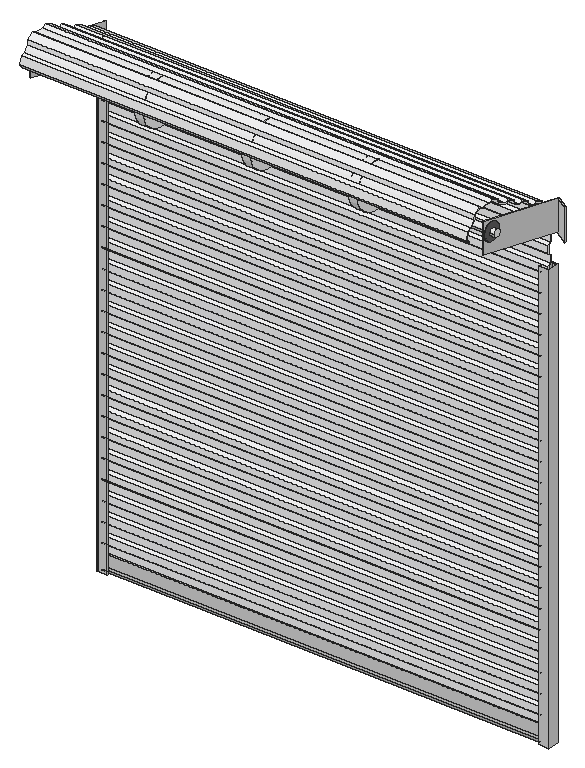
Revit family "Doors_Industrial_Wayne-Dalton_Light-Commercial-Roll-up-Door-Model-DS-100_", category Specialty Equipment, host Wall, Revit 2019
Family settings
  Host = Wall
  Round Connector Dimension = Use Diameter
  Part Type = Normal
  OmniClass Number = 23.30.10.21.34
  OmniClass Title = Industrial Doors
  Always vertical = Yes
  Cut with Voids When Loaded = No
  Shared = No
  Room Calculation Point = No
Parameters (values of type "Manual push-up")
  True Opening Width [instance] = Clear Width  # 73"
  True Opening Height [instance] = Clear Height  # 73"
  Slat to Wall Offset = 1 35/64"  # constant formula
  Slat Height [instance] = if(Curtain Option Real = 1, 3 7/32" * 3, 3 41/256" * 3)  # 9 21/32"
  Shaft to Slat Distance [instance] = Backroom Depth - Slat to Wall Offset - BR Shaft Distance  # 13 9/256"
  Product Page URL = "https://www.wayne-dalton.com/roll-up-sheet-door-ds100"
  Slat Length [instance] = [Opening Width (Real)] + 1/4" * 2 + 1 77/256" * 2  # 76 13/128"
  Opening Width [instance] = 73"
  Opening Height [instance] = 73"
  Min Opening Width [instance] = 34"  # constant formula
  Min Opening Height [instance] = 73"  # constant formula
  Max Opening Width [instance] = 121"  # constant formula
  Max Opening Height [instance] = 120"  # constant formula
  Headroom Height [instance] = if([Opening Height (Real)] < 80 1/4", 16", if([Opening Height (Real)] < 96", 17", 18"))  # 16"
  Opening Width (Real) [instance] = if(Opening Width < Min Opening Width, Min Opening Width, if(Opening Width > Max Opening Width, Max Opening Width, Opening Width))  # 73"
  Opening Height (Real) [instance] = if(Opening Height < Min Opening Height, Min Opening Height, if(Opening Height > Max Opening Height, Max Opening Height, Opening Height))  # 73"
  URL = "https://www.wayne-dalton.com/"
  Product data url = "https://www.bimobject.com/wayne-dalton/product/roll-up-sheet-door-ds100"
  Product Guid = "940501ae-61bf-4f61-b065-ee4671c97bb3"
  Model = "DS-100"  # constant formula
  Manufacturer = "Wayne Dalton"  # constant formula
  Wall Closure = By host
  Floor To (CL) of Shaft [instance] = [Opening Height (Real)] + Headroom Height - 4 107/256"  # 84 149/256"
  Finish Material = Metal - Wayne Dalton - Galvanized Steel
  Description = "Model DS-100 Light Commercial Roll-Up Door (R-Value 4.0 with optional insulation)"  # constant formula
  Curtain Type [instance] = if(Curtain Option Real = 1, "Square Profile", "Round Profile")  # "Square Profile"
  Curtain Option Real [instance] = if(Curtain Option < 2, 1, 2)  # 1
  Curtain Option [instance] = 1
  Curtain Material [instance] = Steel - Wayne Dalton - White
  Connection Offset [instance] = [Floor To (CL) of Shaft] - Array Length - 1 13/128" + 1/256"  # 6 15/64"
  Clear Width [instance] = [Opening Width (Real)]  # 73"
  Clear Height [instance] = [Opening Height (Real)]  # 73"
  Backroom Depth [instance] = Headroom Height + 3"  # 19"
  BR Shaft Distance = 4 107/256"  # constant formula
  Array Length [instance] = (Array) * Slat Height  # 77 1/4"
  Array [instance] = rounddown(([Floor To (CL) of Shaft] - 1 13/128" - 2 51/256") / Slat Height)  # 8
  Ad Slat Height [instance] = if(Curtain Option Real = 1, 3 7/32", 3 41/256")  # 3 7/32"
  Ad Slat 2 [instance] = if(Connection Offset > Ad Slat Height * 2 + 2 51/256", 1 = 1, 1 = 2)  # no
  Ad Slat 1 [instance] = if(Connection Offset > Ad Slat Height + 2 51/256", 1 = 1, 1 = 2)  # yes
Reference planes (in)
  plane 1 "Center (Front/Back)": y = 0
  plane 2 "Center (Left/Right)": x = 0
  plane 3 "Left": x = -50
  plane 4 "Right": x = 50
  plane 5 "Exterior": y = 1.5
  plane 6 "Interior": y = -4.5
  plane 7: x = 36.5
  plane 8: x = -36.5
  plane 9: z = 73
  plane 10 "Top": z = 89
  plane 11 "Main": y = -5.75
  plane 12: y = -23.5
  plane 13 "Main Door Block": y = -4.5
  plane 14: z = 47.47
  plane 15 "Bottom Bar": z = 1.1046
  plane 16: x = 39
  plane 17: x = -39
  plane 18: y = -5.253
  plane 19: y = -6.048
  plane 20: z = 78.3546
  plane 21: z = 84.58203
  plane 22: z = 10.76085
  plane 23: z = 81.57335
  plane 24: y = -19.08203
Lines and regions (in)
  Opening 1
    outline origin (-90, -4.5, 0) x (1, 0, 0) y (0, 0, 1)
      loop
        line (53.5, 0) -> (126.5, 0) -> (126.5, 73) -> (53.5, 73) -> (53.5, 0)
Text (in)
  text "Exterior" at (-74.96733, 27.31104, 0), in view "Ref. Level"
  text "Interior" at (-74.96733, -25.14366, 0), in view "Ref. Level"
  text "Exterior" at (0, 40.15149, 123.01588), in view "Right"
  text "Interior" at (0, -64.39139, 123.01588), in view "Right"
  text "Interior" at (0, -31.01599, 123.00693), in view "Left"
  text "Exterior" at (0, 54.57065, 123.00693), in view "Left"
Dimensions and locks (in)
  equal spacing: plane 3 "Left", plane 2 "Center (Left/Right)", plane 4 "Right"
  level to host wall = 459.59655"
  "Opening Height (Real)": level to plane 9
  plane 8 to plane 2 "Center (Left/Right)" to plane 7 = 36 1/2", 36 1/2"
  "Headroom Height": plane 9 to plane 10 "Top"
  locked: plane 13 "Main Door Block" to plane 11 "Main" at 1.25
  locked: plane 1 "Center (Front/Back)" to plane 6 "Interior" at 4.5
  locked: plane 8 to plane 17 at 2.5
  locked: plane 16 to plane 7 at 2.5
  locked: plane 5 "Exterior" to plane 1 "Center (Front/Back)" at 1.5
  equal spacing: plane 7, plane 2 "Center (Left/Right)", plane 8
  locked: plane 18 to plane 11 "Main" at 0.497
  "Opening Width (Real)": plane 7 to plane 8
  "Backroom Depth": plane 12 to plane 6 "Interior"
  locked: plane 11 "Main" to plane 19 at 0.298
  plane 19 to plane 11 "Main" = 0.298"
  locked: plane 15 "Bottom Bar" to level at 1.1046
  "Array Length": plane 20 to plane 15 "Bottom Bar"
  nested 1 to nested 1 = 1/4"
  "Floor To (CL) of Shaft": plane 21 to level
  "Slat Height": plane 22 to plane 15 "Bottom Bar"
  equal spacing: group 1, group 2, group 3, group 4, group 5, group 6, group 7, group 8  (x3)
  "Ad Slat Height": plane 23 to plane 20
  plane 19 to plane 13 "Main Door Block" = 1.548"
  "BR Shaft Distance": plane 12 to plane 24
  plane 13 "Main Door Block" to nested 2 = 1.548"
  nested 2 to nested 2 = 0.13312"
  aligned and locked: Opening 1 sketch curve to level
  aligned and locked: plane 5 "Exterior" to host wall
  aligned and locked: host wall to plane 6 "Interior"
  aligned and locked: plane 8 to Opening 1 sketch curve
  aligned and locked: plane 7 to Opening 1 sketch curve
  aligned and locked: Opening 1 sketch curve to plane 9
  aligned and locked: nested 1 to plane 6 "Interior"
  aligned and locked: nested 1 to plane 2 "Center (Left/Right)"
  aligned and locked: level to nested 1
  aligned and locked: plane 13 "Main Door Block" to plane 6 "Interior"
  aligned and locked: plane 15 "Bottom Bar" to nested 2
  aligned and locked: plane 22 to nested 3
  aligned and locked: plane 19 to nested 2
  aligned and locked: plane 19 to nested 3
  aligned and locked: plane 2 "Center (Left/Right)" to nested 2
  aligned and locked: plane 2 "Center (Left/Right)" to nested 3
  aligned and locked: plane 20 to nested 10
  aligned and locked: plane 19 to nested 10
  aligned and locked: plane 2 "Center (Left/Right)" to nested 10
  aligned and locked: plane 23 to nested 11
  aligned and locked: plane 19 to nested 11
  aligned and locked: plane 2 "Center (Left/Right)" to nested 11
  aligned and locked: plane 21 to nested 12
  aligned and locked: plane 24 to nested 12
  aligned and locked: plane 2 "Center (Left/Right)" to nested 12
Nested families (in)
  nested 1: "Lifts" at (0, -4.5, 0) x (-1, 0, 0) z (0, 0, 1), type "Frame Unit"
  nested 2: "Slat" at (0, -6.048, 1.1046), type "Slat"
    with Sq Option yes, Slat Height 9.66", R Option no, Opening Width 76 13/128", Curtain Option 1
  nested 3: "Slat" at (0, -6.048, 10.76085), type "Slat"
    with Sq Option yes, Slat Height 9.66", R Option no, Opening Width 76 13/128", Curtain Option 1
  nested 4: "Slat" at (0, -6.048, 20.4171), type "Slat"
    with Sq Option yes, Slat Height 9.66", R Option no, Opening Width 76 13/128", Curtain Option 1
  nested 5: "Slat" at (0, -6.048, 30.07335), type "Slat"
    with Sq Option yes, Slat Height 9.66", R Option no, Opening Width 76 13/128", Curtain Option 1
  nested 6: "Slat" at (0, -6.048, 39.7296), type "Slat"
    with Sq Option yes, Slat Height 9.66", R Option no, Opening Width 76 13/128", Curtain Option 1
  nested 7: "Slat" at (0, -6.048, 49.38585), type "Slat"
    with Sq Option yes, Slat Height 9.66", R Option no, Opening Width 76 13/128", Curtain Option 1
  nested 8: "Slat" at (0, -6.048, 59.0421), type "Slat"
    with Sq Option yes, Slat Height 9.66", R Option no, Opening Width 76 13/128", Curtain Option 1
  nested 9: "Slat" at (0, -6.048, 68.69835), type "Slat"
    with Sq Option yes, Slat Height 9.66", R Option no, Opening Width 76 13/128", Curtain Option 1
  nested 10: "AdSlat" at (0, -6.048, 78.3546), visible <- "Ad Slat 1", type "AdSlat"
    with Sq Option yes, Slat Height 3.22", R Option no, Opening Width 76 13/128", Curtain Option 1
  nested 11: "AdSlat" at (0, -6.048, 81.57335), visible <- "Ad Slat 2", type "AdSlat"
    with Sq Option yes, Slat Height 3.22", R Option no, Opening Width 76 13/128", Curtain Option 1
  nested 12: "Top Slat" at (0, -19.08203, 84.58203), type "Top Slat"
    with Primar Offset 6 15/64", Opening Width 76 13/128"
Definition of nested family "Lifts"
  Parameters (values of type "Frame Unit")
    Steel Support Outter Radius = 4.418" - 5/8"  # 3.793"
    Shaft Radius = 0.563"  # constant formula
    Shaft Material = none
    Setback = 1/4"  # constant formula
    Right Shaft Offset = 3 1/4"
    Resin Stopper Radius = 1 1/2"  # constant formula
    Resin Elements Material = none
    Opening Width = 73"
    Left Shaft Offset = 3 1/4"
    J Offset = Header Width - 4.418"  # 14.582"
    Headroom Height = 16"
    Header Width = 19"
    Guide Width R Real = Guid Width + Setback  # 2 3/4"
    Guide Width L Real = Guid Width + Setback  # 2 3/4"
    Guide Second Part Position = 1 3/4"  # constant formula
    Guide Height = 2"  # constant formula
    Guid Width = 2 1/2"  # constant formula
    Opening Height = 73"
    Floor To (CL) of Shaft = 84 149/256"
    Finish Material = none
    Connection Brackets = 5 1/4"  # constant formula
    Bottom Bar Offset = 1.652"  # constant formula
    Analytic Construction = "<None>"
  Reference planes (in)
    plane 1 "Center (Front/Back)": y = 0
    plane 2: z = 0
    plane 3 "Center (Left/Right)": x = 0
    plane 4 "Left": x = -36.5
    plane 5 "Right": x = 36.5
    plane 6 "Opening Height": z = 73
    plane 7: x = -39.75
    plane 8: x = 39.75
    plane 9: z = 89
    plane 10: y = 19
    plane 11: x = -18.25
    plane 12: x = 18.25
    plane 13: z = 84.58203
    plane 14: y = 14.582
    plane 15: x = -38.05
    plane 16: x = 38.05
    plane 17: x = 39.25
    plane 18: x = -39.25
  Forms (in)
    Extrusion 1, solid, material <- "Finish Material"
      sketch origin (0, 0, 0) x (1, 0, 0) y (0, 1, 0)
        loop
          line (-38.5, 0) -> (-36.75, 0) -> (-36.75, 0.125) -> (-36.92185, 0.125)
          arc (-36.92185, 0.125) -> (-37.20608, 0.67946) -> (-37.49031, 0.125) r 0.35008
          line (-37.49031, 0.125) -> (-38.375, 0.125) -> (-38.375, 1.875) -> (-36.75, 1.875) -> (-36.75, 2) -> (-38.5, 2) -> (-38.5, 0)
        loop
          line (38.5, 0) -> (38.5, 2) -> (36.75, 2) -> (36.75, 1.875) -> (38.375, 1.875) -> (38.375, 0.125) -> (37.49031, 0.125)
          arc (37.49031, 0.125) -> (37.20608, 0.67923) -> (36.92185, 0.125) r 0.35
          line (36.92185, 0.125) -> (36.75, 0.125) -> (36.75, 0) -> (38.5, 0)
      from 73 to 0
    Extrusion 2, solid, material <- "Finish Material"
      sketch origin (0, 0, 0) x (0, 1, 0) y (0, 0, 1)
        loop
          line (1.652, 1) -> (1.652, 3) -> (1.5475, 3) -> (1.5475, 1.1046) -> (0.152, 1.1046) -> (0.152, 1) -> (1.652, 1)
      from -38.05 to 38.05
    Extrusion 3, solid, material <- "Finish Material"
      sketch origin (0, 0, 0) x (0, 1, 0) y (0, 0, 1)
        loop
          line (0.73437, 1) -> (0.73437, 0.5)
          arc (0.73437, 0.5) -> (1.23437, 0) -> (1.73437, 0.5) r 0.5
          line (1.73437, 0.5) -> (1.73437, 1) -> (0.73437, 1)
      from -38.05 to 38.05
    Extrusion 4, solid, material <- "Shaft Material"
      sketch origin (0, 0, 0) x (0, 1, 0) y (0, 0, 1)
        loop
          circle (14.582, 84.58203) r 0.563
      from -39.75 to 39.75
    Extrusion 5, solid, material <- "Finish Material"
      sketch origin (-39.25, 0, 76.60557) x (0, 0, 1) y (-1, 0, 0)
        loop
          line (1.29437, -77.75) -> (0.20776, -79) -> (5.63741, -79) -> (6.54437, -77.88) -> (6.54437, -77.75) -> (1.29437, -77.75)
        loop
          line (1.29437, -0.75) -> (6.54437, -0.75) -> (6.54437, -0.62) -> (5.63741, 0.5) -> (0.20776, 0.5) -> (1.29437, -0.75)
      from 0 to -0.13
    Extrusion 6, solid, material <- "Finish Material"
      sketch origin (-39.25, 0, 73) x (0, 0, 1) y (0, -1, 0)
        loop
          line (13.66098, -16.082) -> (10.14994, 0) -> (5.03217, 0) -> (8.5432, -16.082) -> (13.66098, -16.082)
      from 0.62 to 0.75
    Extrusion 7, solid, material <- "Finish Material"
      sketch origin (39.25, 0, 73) x (0, 0, 1) y (0, -1, 0)
        loop
          line (13.66098, -16.082) -> (10.14994, 0) -> (5.03217, 0) -> (8.5432, -16.082) -> (13.66098, -16.082)
      from -0.62 to -0.75
    Extrusion 8, solid, material <- "Resin Elements Material"
      sketch origin (-39.25, 0, 73) x (0, 0, 1) y (0, -1, 0)
        loop
          circle (11.58203, -14.582) r 1.5
      from 0.37 to 0.62
    Extrusion 9, solid, material <- "Resin Elements Material"
      sketch origin (39.25, 0, 73) x (0, 0, 1) y (0, -1, 0)
        loop
          circle (11.58203, -14.582) r 1.5
      from -0.37 to -0.62
    Extrusion 10, void
      sketch origin (0, 0, 0) x (1, 0, 0) y (0, 1, 0)
        loop
          line (36.5, -0.3125) -> (38.05, -0.3125) -> (38.05, 0.6875) -> (36.5, 0.6875) -> (36.5, -0.3125)
        loop
          line (-36.5, -0.3125) -> (-36.5, 0.6875) -> (-38.05, 0.6875) -> (-38.05, -0.3125) -> (-36.5, -0.3125)
      from 0 to 2.125
    Extrusion 11, solid, material <- "Shaft Material"
      sketch origin (18.25, -180, 76.25522) x (0, 0, 1) y (0, -1, 0)
        loop
          circle (8.32681, -194.582) r 3.793
        loop
          circle (8.32681, -194.582) r 0.563
      from -0.753 to 0.753
    Extrusion 12, solid, material <- "Shaft Material"
      sketch origin (0, 0, 0) x (0, 1, 0) y (0, 0, 1)
        loop
          circle (14.582, 84.58203) r 3.793
        loop
          circle (14.582, 84.58203) r 0.563
      from -0.753 to 0.753
    Extrusion 13, solid, material <- "Shaft Material"
      sketch origin (-18.25, -180, -24) x (0, 0, -1) y (0, -1, 0)
        loop
          circle (-108.58203, -194.582) r 3.793
        loop
          circle (-108.58203, -194.582) r 0.563
      from -0.753 to 0.753
  Cuts and joins
    joined: Extrusion 5, Extrusion 6, Extrusion 7
    Extrusion 10 cuts Extrusion 2
  Lines and regions (in)
    Masking region 1
      outline origin (0, 0, 0) x (1, 0, 0) y (0, 1, 0)
        loop
          line (-38.88, 16.082) -> (-38.88, 13.082) -> (-38.63, 13.082) -> (-38.63, 16.082) -> (-38.88, 16.082)
        loop
          line (38.88, 13.082) -> (38.88, 16.082) -> (38.63, 16.082) -> (38.63, 13.082) -> (38.88, 13.082)
    Masking region 2
      outline origin (0, 0, 0) x (1, 0, 0) y (0, 1, 0)
        loop
          line (-38.63, 16.082) -> (-38.63, 0.13) -> (-39.75, 0.13) -> (-39.75, 0) -> (-38.5, 0) -> (-38.5, 16.082) -> (-38.63, 16.082)
        loop
          line (38.63, 0.13) -> (38.63, 16.082) -> (38.5, 16.082) -> (38.5, 0) -> (39.75, 0) -> (39.75, 0.13) -> (38.63, 0.13)
    Masking region 3
      outline origin (0, 0, 0) x (1, 0, 0) y (0, 1, 0)
        loop
          arc (-36.92185, 0.125) -> (-37.20608, 0.67946) -> (-37.49031, 0.125) r 0.35008
          line (-37.49031, 0.125) -> (-38.375, 0.125) -> (-38.375, 1.875) -> (-36.75, 1.875) -> (-36.75, 2) -> (-38.5, 2) -> (-38.5, 0) -> (-36.75, 0) -> (-36.75, 0.125) -> (-36.92185, 0.125)
        loop
          arc (37.49031, 0.125) -> (37.20608, 0.67923) -> (36.92185, 0.125) r 0.35
          line (36.92185, 0.125) -> (36.75, 0.125) -> (36.75, 0) -> (38.5, 0) -> (38.5, 2) -> (36.75, 2) -> (36.75, 1.875) -> (38.375, 1.875) -> (38.375, 0.125) -> (37.49031, 0.125)
    Masking region 4
      outline origin (0, 0, 0) x (1, 0, 0) y (0, 1, 0)
        loop
          line (-39.75, 15.145) -> (-39.75, 14.019) -> (39.75, 14.019) -> (39.75, 15.145) -> (-39.75, 15.145)
    reference lines
      curve 1: line (39.25, 0, 73) -> (39.25, 0, 82.583)
      curve 2: line (-39.25, 0, 73) -> (-39.25, 0, 82.583)
  Dimensions and locks (in)
    equal spacing: plane 4 "Left", plane 3 "Center (Left/Right)", plane 5 "Right"
    "Opening Width": plane 4 "Left" to plane 5 "Right"
    "Opening Height": plane 6 "Opening Height" to level
    "Guide Height": Extrusion 1 sketch curve to Extrusion 1 sketch curve
    "Headroom Height": plane 9 to plane 6 "Opening Height"
    plane 10 to plane 1 "Center (Front/Back)" = 19"
    "Header Width": plane 10 to plane 1 "Center (Front/Back)"
    locked: Extrusion 1 sketch curve to Extrusion 1 sketch curve at 0.125  (x3)
    locked: Extrusion 3 sketch curve to level at 1
    locked: Extrusion 10 sketch curve to plane 1 "Center (Front/Back)" at 0.3125  (x2)
    locked: plane 1 "Center (Front/Back)" to Extrusion 10 sketch curve at 0.6875
    equal spacing: plane 4 "Left", plane 11, plane 3 "Center (Left/Right)"
    equal spacing: plane 5 "Right", plane 12, plane 3 "Center (Left/Right)"
    "Floor To (CL) of Shaft": plane 13 to plane 2
    "J Offset": plane 14 to plane 1 "Center (Front/Back)"
    locked: curve 1 to curve 1 at 9.583
    locked: curve 2 to curve 2 at 9.583
    "Setback": Extrusion 1 sketch curve to plane 4 "Left"
    "Setback": plane 5 "Right" to Extrusion 1 sketch curve
    locked: plane 15 to plane 4 "Left" at 1.55
    locked: plane 5 "Right" to plane 16 at 1.55
    "Guide Width R Real": plane 5 "Right" to plane 17
    "Guide Width L Real": plane 18 to plane 4 "Left"
    "Left Shaft Offset": plane 7 to plane 4 "Left"
    "Right Shaft Offset": plane 5 "Right" to plane 8
    equal spacing: Masking region 1 sketch curve, plane 14, Masking region 1 sketch curve
    "Resin Stopper Radius": plane 14 to Masking region 1 sketch curve
    locked: plane 1 "Center (Front/Back)" to Extrusion 3 sketch curve at 0.73437
    locked: Extrusion 3 sketch curve to Extrusion 3 sketch curve at 1
    locked: plane 14 to Extrusion 7 sketch curve at 1.5
    locked: plane 14 to Extrusion 6 sketch curve at 1.5
    locked: Extrusion 5 sketch curve to curve 1 at 0.75
    locked: Extrusion 5 sketch curve to curve 2 at 0.75
    locked: plane 13 to Extrusion 7 sketch curve at 1.43209
    locked: plane 13 to Extrusion 6 sketch curve at 1.43209
    locked: Extrusion 6 sketch curve to Extrusion 6 sketch curve at 5
    locked: Extrusion 5 sketch curve to Extrusion 5 sketch curve at 1.25  (x2)
    locked: Extrusion 5 sketch curve to Extrusion 5 sketch curve at 0.13  (x2)
    locked: Extrusion 7 sketch curve to plane 13 at 2.07895
    locked: Extrusion 7 sketch curve to Extrusion 7 sketch curve at 5
    locked: Extrusion 6 sketch curve to plane 13 at 2.07895
    locked: plane 13 to Extrusion 5 sketch curve at 1.43209  (x2)
    "Connection Brackets": Extrusion 5 sketch curve to Extrusion 5 sketch curve  (x2)
    "Guide Second Part Position": Extrusion 1 sketch curve to Extrusion 1 sketch curve  (x2)
    locked: Extrusion 2 sketch curve to Extrusion 2 sketch curve at 1.5
    locked: Extrusion 2 sketch curve to level at 1
    Extrusion 2 sketch curve to Extrusion 2 sketch curve = 2"
    locked: Extrusion 2 sketch curve to Extrusion 2 sketch curve at 0.1046
    locked: Extrusion 2 sketch curve to Extrusion 2 sketch curve at 0.1045
    "Bottom Bar Offset": plane 1 "Center (Front/Back)" to Extrusion 2 sketch curve
    locked: Extrusion 3 sketch curve to level at 0.5
    plane 9 to plane 13 = 4 107/256"
    locked: Extrusion 1 sketch curve to Extrusion 1 sketch curve at 0.45608  (x2)
    locked: Extrusion 1 sketch curve to Extrusion 1 sketch curve at 0.20438
    locked: Extrusion 1 sketch curve to Extrusion 1 sketch curve at 0.20423
    equal spacing: Masking region 4 sketch curve, plane 14, Masking region 4 sketch curve
    "Shaft Radius": Masking region 4 sketch curve to plane 14
    "Shaft Radius": radius of Extrusion 4 sketch curve
    "Resin Stopper Radius": radius of Extrusion 8 sketch curve
    "Resin Stopper Radius": radius of Extrusion 9 sketch curve
    "Shaft Radius": radius of Extrusion 11 sketch curve
    "Steel Support Outter Radius": radius of Extrusion 11 sketch curve
    "Shaft Radius": radius of Extrusion 12 sketch curve
    "Steel Support Outter Radius": radius of Extrusion 12 sketch curve
    "Shaft Radius": radius of Extrusion 13 sketch curve
    "Steel Support Outter Radius": radius of Extrusion 13 sketch curve
    radius of Extrusion 1 sketch curve = 0.35008"
    radius of Extrusion 1 sketch curve = 0.35"
    locked: Extrusion 5 sketch curve to Extrusion 5 sketch curve (angle 129.00°)  (x2)
    locked: Extrusion 5 sketch curve to Extrusion 5 sketch curve (angle 131.00°)  (x2)
    aligned and locked: plane 2 to level
    aligned and locked: plane 1 "Center (Front/Back)" to Extrusion 1 sketch curve
    aligned and locked: Extrusion 1 sketch curve to plane 1 "Center (Front/Back)"
    aligned and locked: Extrusion 1 sketch curve to Extrusion 1 sketch curve  (x7)
    aligned and locked: plane 7 to Extrusion 4
    aligned and locked: Extrusion 4 to plane 8
    aligned and locked: plane 6 "Opening Height" to Extrusion 1
    aligned and locked: Extrusion 10 sketch curve to plane 5 "Right"
    aligned and locked: Extrusion 10 sketch curve to plane 4 "Left"
    aligned and locked: Extrusion 10 sketch curve to Extrusion 10 sketch curve
    aligned and locked: plane 13 to Extrusion 4 sketch curve
    aligned and locked: plane 14 to Extrusion 4 sketch curve
    aligned and locked: plane 14 to Extrusion 8 sketch curve
    aligned and locked: plane 13 to Extrusion 8 sketch curve
    aligned and locked: plane 14 to Extrusion 9 sketch curve
    aligned and locked: plane 13 to Extrusion 9 sketch curve
    aligned and locked: plane 6 "Opening Height" to curve 1
    aligned and locked: plane 6 "Opening Height" to curve 2
    aligned and locked: Extrusion 10 sketch curve to plane 15
    aligned and locked: plane 15 to Extrusion 3
    aligned and locked: plane 15 to cut or joined group of Extrusion 2, Extrusion 10
    aligned and locked: Extrusion 3 to plane 16
    aligned and locked: cut or joined group of Extrusion 2, Extrusion 10 to plane 16
    aligned and locked: Extrusion 10 sketch curve to plane 16
    aligned and locked: curve 1 to plane 17
    aligned and locked: curve 2 to plane 18
    aligned and locked: Masking region 1 sketch curve to Extrusion 8  (x2)
    aligned and locked: Masking region 1 sketch curve to Extrusion 9  (x2)
    aligned and locked: Masking region 1 sketch curve to Masking region 1 sketch curve  (x2)
    aligned and locked: cut or joined group of Extrusion 5, Extrusion 6, Extrusion 7 to Masking region 2 sketch curve  (x5)
    aligned and locked: Masking region 2 sketch curve to cut or joined group of Extrusion 5, Extrusion 6, Extrusion 7  (x7)
    aligned and locked: plane 1 "Center (Front/Back)" to Extrusion 7 sketch curve
    aligned and locked: plane 1 "Center (Front/Back)" to Extrusion 6 sketch curve
    aligned and locked: plane 14 to Extrusion 12 sketch curve  (x2)
    aligned and locked: plane 13 to Extrusion 12 sketch curve  (x2)
    aligned and locked: plane 13 to Extrusion 11 sketch curve  (x2)
    aligned and locked: plane 14 to Extrusion 11 sketch curve  (x2)
    aligned and locked: plane 14 to Extrusion 13 sketch curve  (x2)
    aligned and locked: plane 13 to Extrusion 13 sketch curve  (x2)
    aligned and locked: Masking region 3 sketch curve to Extrusion 1  (x20)
    aligned and locked: plane 7 to Masking region 4 sketch curve
    aligned and locked: plane 8 to Masking region 4 sketch curve
  Automatic sketch dimensions
    Extrusion 1 sketch curve to plane 1 "Center (Front/Back)" = 1/8"
Definition of nested family "Slat"
  Parameters (values of type "Slat")
    Sq Option = if(Curtain Option = 1, 1 = 1, 1 = 2)  # no
    Slat Height = if(Curtain Option = 1, 3.22" * 3, 3.16" * 3)  # 9.48"
    R Option = not(Sq Option)  # yes
    Panel Material = none
    Opening Width = 75 13/128"
    Default Elevation = 48"
    Curtain Option = 2
  Reference planes (in)
    plane 1 "Center (Front/Back)": y = 0
    plane 2: z = 0
    plane 3 "Center (Left/Right)": x = 0
    plane 4: z = 9.48
    plane 5: x = -37.55078
    plane 6: x = 37.55078
  Forms (in)
    Extrusion 1, solid, material <- "Panel Material", visible <- "Sq Option"
      sketch origin (0, 0, 0) x (0, 0, 1) y (0, -1, 0)
        loop
          line (1.5362, -0.5962) -> (2.83682, -0.5962) -> (3.24093, -0.04) -> (4.3521, -0.04) -> (4.7562, -0.5962) -> (6.05682, -0.5962) -> (6.46093, -0.04) -> (7.5721, -0.04) -> (7.9762, -0.5962) -> (9.27682, -0.5962) -> (9.68093, -0.04) -> (9.66, 0) -> (9.2559, -0.5562) -> (7.99658, -0.5562) -> (7.59248, 0) -> (6.44, 0) -> (6.0359, -0.5562) -> (4.77658, -0.5562) -> (4.37248, 0) -> (3.22, 0) -> (2.8159, -0.5562) -> (1.55658, -0.5562) -> (1.15248, 0) -> (0, 0) -> (0, -0.04) -> (1.1321, -0.04) -> (1.5362, -0.5962)
      from -37.55078 to 37.55078
    Extrusion 2, solid, material <- "Panel Material", visible <- "R Option"
      sketch origin (0, 0, 0) x (0, 0, 1) y (0, -1, 0)
        loop
          arc (0.99662, -0.13102) -> (0.81086, 0) -> (0.62661, -0.13312) r 0.19562
          line (0.62661, -0.13312) -> (0, -0.13312) -> (0, -0.18138) -> (0.6653, -0.18138)
          arc (0.6653, -0.18138) -> (0.79435, -0.04931) -> (0.95107, -0.14695) r 0.14737
          arc (0.95107, -0.14695) -> (1.5846, -0.59649) -> (2.21812, -0.14695) r 0.67117
          arc (2.21812, -0.14695) -> (2.37484, -0.04931) -> (2.50389, -0.18138) r 0.14737
          line (2.50389, -0.18138) -> (3.8253, -0.18138)
          arc (3.8253, -0.18138) -> (3.95435, -0.04931) -> (4.11107, -0.14695) r 0.14737
          arc (4.11107, -0.14695) -> (4.7446, -0.59649) -> (5.37812, -0.14695) r 0.67117
          arc (5.37812, -0.14695) -> (5.53484, -0.04931) -> (5.66389, -0.18138) r 0.14737
          line (5.66389, -0.18138) -> (6.9853, -0.18138)
          arc (6.9853, -0.18138) -> (7.11435, -0.04931) -> (7.27107, -0.14695) r 0.14737
          arc (7.27107, -0.14695) -> (7.9046, -0.59649) -> (8.53812, -0.14695) r 0.67117
          arc (8.53812, -0.14695) -> (8.69484, -0.04931) -> (8.82389, -0.18138) r 0.14737
          line (8.82389, -0.18138) -> (9.48, -0.18138) -> (9.48, -0.13312) -> (8.86258, -0.13312)
          arc (8.86258, -0.13312) -> (8.67833, 0) -> (8.49257, -0.13102) r 0.19562
          arc (8.49257, -0.13102) -> (7.9046, -0.54824) -> (7.31662, -0.13102) r 0.62292
          arc (7.31662, -0.13102) -> (7.13086, 0) -> (6.94661, -0.13312) r 0.19562
          line (6.94661, -0.13312) -> (5.70258, -0.13312)
          arc (5.70258, -0.13312) -> (5.51833, 0) -> (5.33257, -0.13102) r 0.19562
          arc (5.33257, -0.13102) -> (4.7446, -0.54824) -> (4.15662, -0.13102) r 0.62292
          arc (4.15662, -0.13102) -> (3.97086, 0) -> (3.78661, -0.13312) r 0.19562
          line (3.78661, -0.13312) -> (2.54258, -0.13312)
          arc (2.54258, -0.13312) -> (2.35833, 0) -> (2.17257, -0.13102) r 0.19562
          arc (2.17257, -0.13102) -> (1.5846, -0.54824) -> (0.99662, -0.13102) r 0.62292
      from -37.55078 to 37.55078
  Lines and regions (in)
    reference lines
      curve 1: line (0, 0, 0) -> (0, 0, 9)
  Dimensions and locks (in)
    "Slat Height": plane 4 to plane 2
    equal spacing: plane 5, plane 3 "Center (Left/Right)", plane 6
    "Opening Width": plane 5 to plane 6
    locked: curve 1 to curve 1 at 9
    aligned and locked: plane 2 to level
    aligned and locked: plane 5 to Extrusion 1
    aligned and locked: plane 6 to Extrusion 1
    aligned and locked: level to curve 1
    aligned and locked: curve 1 to plane 1 "Center (Front/Back)"
    aligned and locked: plane 6 to Extrusion 2
    aligned and locked: plane 5 to Extrusion 2
  Automatic sketch dimensions
    curve 1 to Extrusion 1 sketch curve = 0"  (x2)
    Extrusion 1 sketch curve to curve 1 = 0"  (x2)
    Extrusion 1 sketch curve to curve 1 = 0.04"
    Extrusion 1 sketch curve to Extrusion 1 sketch curve = 1.1321"  (x2)
    Extrusion 1 sketch curve to Extrusion 1 sketch curve = 0.02038"  (x6)
    Extrusion 1 sketch curve to Extrusion 1 sketch curve = 0.4041"  (x6)
    curve 1 to Extrusion 1 sketch curve = 0.5562"  (x2)
    Extrusion 1 sketch curve to Extrusion 1 sketch curve = 1.25932"  (x3)
    curve 1 to Extrusion 1 sketch curve = 0.5962"  (x2)
    Extrusion 1 sketch curve to Extrusion 1 sketch curve = 0.02093"  (x6)
    curve 1 to Extrusion 1 sketch curve = 0.04"
    Extrusion 1 sketch curve to Extrusion 1 sketch curve = 1.11117"
    Extrusion 1 sketch curve to Extrusion 1 sketch curve = 0"
    Extrusion 1 sketch curve to Extrusion 1 sketch curve = 0.04"  (x3)
    Extrusion 1 sketch curve to Extrusion 1 sketch curve = 0.5162"
    Extrusion 2 sketch curve to Extrusion 2 sketch curve = 0"  (x24)
    curve 1 to Extrusion 2 sketch curve = 0"
    Extrusion 2 sketch curve to curve 1 = 0.18138"
    Extrusion 2 sketch curve to curve 1 = 0.13312"
    Extrusion 2 sketch curve to Extrusion 2 sketch curve = 0.62661"
    Extrusion 2 sketch curve to Extrusion 2 sketch curve = 0.03869"  (x6)
    Extrusion 2 sketch curve to Extrusion 2 sketch curve = 0.14668"  (x6)
    Extrusion 2 sketch curve to curve 1 = 0.07468"  (x3)
    Extrusion 2 sketch curve to Extrusion 2 sketch curve = 0.77262"  (x5)
    curve 1 to Extrusion 2 sketch curve = 0.19561"  (x5)
    curve 1 to Extrusion 2 sketch curve = 0.13312"  (x2)
    Extrusion 2 sketch curve to Extrusion 2 sketch curve = 1.24402"  (x2)
    Extrusion 2 sketch curve to curve 1 = 0.32278"
    Extrusion 2 sketch curve to Extrusion 2 sketch curve = 0.01424"  (x2)
    Extrusion 2 sketch curve to Extrusion 2 sketch curve = 0.04825"  (x3)
    curve 1 to Extrusion 2 sketch curve = 0.48"
Definition of nested family "AdSlat"
  Parameters (values of type "AdSlat")
    Sq Option = if(Curtain Option = 1, 1 = 1, 1 = 2)  # no
    Slat Height = if(Curtain Option = 1, 3.22", 3.16")  # 3.16"
    R Option = not(Sq Option)  # yes
    Panel Material = none
    Opening Width = 75 13/128"
    Default Elevation = 48"
    Curtain Option = 2
  Reference planes (in)
    plane 1 "Center (Front/Back)": y = 0
    plane 2: z = 0
    plane 3 "Center (Left/Right)": x = 0
    plane 4: z = 3.16
    plane 5: x = -37.55078
    plane 6: x = 37.55078
  Forms (in)
    Extrusion 1, solid, material <- "Panel Material", visible <- "Sq Option"
      sketch origin (0, 0, 0) x (0, 0, 1) y (0, -1, 0)
        loop
          line (1.5362, -0.5962) -> (2.83682, -0.5962) -> (3.22, -0.0688) -> (3.22, 0) -> (2.8159, -0.5562) -> (1.55658, -0.5562) -> (1.15248, 0) -> (0, 0) -> (0, -0.04) -> (1.1321, -0.04) -> (1.5362, -0.5962)
      from -37.55078 to 37.55078
    Extrusion 2, solid, material <- "Panel Material", visible <- "R Option"
      sketch origin (0, 0, 0) x (0, 0, 1) y (0, -1, 0)
        loop
          arc (0.99662, -0.13102) -> (0.81086, 0) -> (0.62661, -0.13312) r 0.19562
          line (0.62661, -0.13312) -> (0, -0.13312) -> (0, -0.18138) -> (0.6653, -0.18138)
          arc (0.6653, -0.18138) -> (0.79435, -0.04931) -> (0.95107, -0.14695) r 0.14737
          arc (0.95107, -0.14695) -> (1.5846, -0.59649) -> (2.21812, -0.14695) r 0.67117
          arc (2.21812, -0.14695) -> (2.37484, -0.04931) -> (2.50389, -0.18138) r 0.14737
          line (2.50389, -0.18138) -> (3.16, -0.18138) -> (3.16, -0.13312) -> (2.54258, -0.13312)
          arc (2.54258, -0.13312) -> (2.35833, 0) -> (2.17257, -0.13102) r 0.19562
          arc (2.17257, -0.13102) -> (1.5846, -0.54824) -> (0.99662, -0.13102) r 0.62292
      from -37.55078 to 37.55078
  Lines and regions (in)
    reference lines
      curve 1: line (0, 0, 0) -> (0, 0, 9)
  Dimensions and locks (in)
    "Slat Height": plane 4 to plane 2
    equal spacing: plane 5, plane 3 "Center (Left/Right)", plane 6
    "Opening Width": plane 5 to plane 6
    locked: curve 1 to curve 1 at 9
    aligned and locked: plane 2 to level
    aligned and locked: plane 5 to Extrusion 1
    aligned and locked: plane 6 to Extrusion 1
    aligned and locked: level to curve 1
    aligned and locked: curve 1 to plane 1 "Center (Front/Back)"
    aligned and locked: plane 6 to Extrusion 2
    aligned and locked: plane 5 to Extrusion 2
  Automatic sketch dimensions
    Extrusion 2 sketch curve to Extrusion 2 sketch curve = 0"  (x8)
    curve 1 to Extrusion 2 sketch curve = 0"
    Extrusion 2 sketch curve to curve 1 = 0.18138"
    Extrusion 2 sketch curve to curve 1 = 0.13312"
    Extrusion 2 sketch curve to Extrusion 2 sketch curve = 0.62661"
    Extrusion 2 sketch curve to Extrusion 2 sketch curve = 0.03869"  (x2)
    Extrusion 2 sketch curve to Extrusion 2 sketch curve = 0.14668"  (x2)
    Extrusion 2 sketch curve to curve 1 = 0.07468"
    Extrusion 2 sketch curve to Extrusion 2 sketch curve = 0.77262"  (x2)
    curve 1 to Extrusion 2 sketch curve = 0.19561"
    curve 1 to Extrusion 2 sketch curve = 0.13312"
    Extrusion 2 sketch curve to Extrusion 2 sketch curve = 0.61742"
    Extrusion 2 sketch curve to Extrusion 2 sketch curve = 0.01424"
    Extrusion 2 sketch curve to Extrusion 2 sketch curve = 0.04825"
    curve 1 to Extrusion 1 sketch curve = 0"
    Extrusion 1 sketch curve to curve 1 = 0"  (x2)
    Extrusion 1 sketch curve to curve 1 = 0.04"
    Extrusion 1 sketch curve to Extrusion 1 sketch curve = 1.1321"
    Extrusion 1 sketch curve to Extrusion 1 sketch curve = 0.02038"  (x2)
    Extrusion 1 sketch curve to Extrusion 1 sketch curve = 0.4041"  (x2)
    curve 1 to Extrusion 1 sketch curve = 0.5562"
    Extrusion 1 sketch curve to Extrusion 1 sketch curve = 1.25932"
    Extrusion 1 sketch curve to Extrusion 1 sketch curve = 0.02093"
    curve 1 to Extrusion 1 sketch curve = 0.0688"
    Extrusion 1 sketch curve to Extrusion 1 sketch curve = 0.04"
Definition of nested family "Top Slat"
  Parameters (values of type "Top Slat")
    Sq 3 = if(H3, if(Curtain Option = 1, 1 = 1, 1 = 2), 1 = 2)  # no
    Sq 2 = if(H2, if(Curtain Option = 1, 1 = 1, 1 = 2), 1 = 2)  # no
    Sq 1 = if(H1, if(Curtain Option = 1, 1 = 1, 1 = 2), 1 = 2)  # yes
    Slat Height = 3 7/32"
    Shaft to Slat Position 2 = Shaft to Slat Position + 0.133"  # 11.166"
    Shaft to Slat Position = 11.033"
    R 3 = if(H3, not(Sq 3), 1 = 2)  # no
    R 2 = if(H2, not(Sq 2), 1 = 2)  # no
    R 1 = if(H1, not(Sq 1), 1 = 2)  # no
    Primar Offset = 6 59/256"
    Panel Material = none
    Opening Width = 80"
    Offset 2 = if(Primar Offset > Slat Height * 2 + 2.175", Slat Height, 0")  # 0"
    Offset 1 = if(Primar Offset > Slat Height + 2.175", Slat Height, 0")  # 3 7/32"
    Headroom Width = 19"
    Headroom Height = 16"
    H3 = if(Headroom Height = 18", 1 = 1, 1 = 2)  # no
    H2 = if(Headroom Height = 17", 1 = 1, 1 = 2)  # no
    H1 = if(Headroom Height = 16", 1 = 1, 1 = 2)  # yes
    Default Elevation = 48"
    Curtain Option = 1
  Reference planes (in)
    plane 1 "Center (Front/Back)": y = 0
    plane 2: z = 0
    plane 3 "Center (Left/Right)": x = 0
    plane 4: x = -40
    plane 5: x = 40
    plane 6: y = -4.39453
    plane 7: y = 14.60547
    plane 8: y = 13.60547
  Forms (in)
    Extrusion 1, solid, material <- "Panel Material", visible <- "Sq 1"
      sketch origin (0, 0, 0) x (0, 0, 1) y (0, -1, 0)
        loop
          line (-1.57609, -11.86046) -> (-2.14106, -13.03403) -> (-3.01172, -13.03403) -> (-3.01172, -13.07403) -> (-2.11592, -13.07403) -> (-1.54889, -11.89617) -> (-0.87595, -11.77396) -> (-0.31202, -10.60255) -> (-0.63789, -9.99719) -> (-0.09751, -8.8747) -> (0.57892, -8.75185) -> (1.14285, -7.58044) -> (0.81698, -6.97507) -> (1.35736, -5.85258) -> (2.0338, -5.72974) -> (2.59772, -4.55833) -> (2.25899, -3.92906) -> (2.91101, -2.49984) -> (3.60429, -2.35908) -> (4.14389, -1.17627) -> (3.79263, -0.55484)
          arc (3.79263, -0.55484) -> (3.82956, 0.1624) -> (3.73204, 0.87393) r 3.833
          line (3.73204, 0.87393) -> (4.02941, 1.52314) -> (3.3914, 2.65591) -> (2.68232, 2.73808)
          arc (2.68232, 2.73808) -> (2.25069, 3.10262) -> (1.77017, 3.39976) r 3.833
          line (1.77017, 3.39976) -> (1.47172, 4.04848) -> (0.19682, 4.3031) -> (-0.32769, 3.81901) -> (-0.3107, 3.78025) -> (0.20897, 4.25989) -> (1.4439, 4.01325) -> (1.73957, 3.37057)
          arc (1.73957, 3.37057) -> (2.22721, 3.07024) -> (2.66407, 2.69992) r 3.793
          line (2.66407, 2.69992) -> (3.36655, 2.61852) -> (3.98456, 1.52127) -> (3.68996, 0.8781)
          arc (3.68996, 0.8781) -> (3.78959, 0.1607) -> (3.75105, -0.56257) r 3.793
          line (3.75105, -0.56257) -> (4.09904, -1.17821) -> (3.57636, -2.32393) -> (2.88307, -2.4647) -> (2.21436, -3.93053) -> (2.55284, -4.55934) -> (2.0066, -5.69402) -> (1.33016, -5.81687) -> (0.7721, -6.97609) -> (1.09797, -7.58145) -> (0.55172, -8.71613) -> (-0.12471, -8.83898) -> (-0.68277, -9.9982) -> (-0.3569, -10.60357) -> (-0.90315, -11.73825) -> (-1.57609, -11.86046)
      from -40 to 40
    Extrusion 2, solid, material <- "Panel Material", visible <- "R 1"
      sketch origin (0, 0, 0) x (0, 0, 1) y (0, -1, 0)
        loop
          arc (-1.61377, -12.11954) -> (-1.81451, -12.22619) -> (-1.77885, -12.45069) r 0.19562
          line (-1.77885, -12.45069) -> (-2.14106, -13.16703) -> (-3.01172, -13.16703) -> (-3.01172, -13.21503) -> (-2.11126, -13.21503) -> (-1.71833, -12.43794)
          arc (-1.71833, -12.43794) -> (-1.77796, -12.26318) -> (-1.6201, -12.16738) r 0.14737
          arc (-1.6201, -12.16738) -> (-0.93307, -11.80486) -> (-1.04838, -11.03665) r 0.67117
          arc (-1.04838, -11.03665) -> (-1.0648, -10.85273) -> (-0.88871, -10.79716) r 0.14737
          line (-0.88871, -10.79716) -> (-0.29245, -9.61793)
          arc (-0.29245, -9.61793) -> (-0.35208, -9.44317) -> (-0.19422, -9.34736) r 0.14737
          arc (-0.19422, -9.34736) -> (0.49281, -8.98485) -> (0.3775, -8.21664) r 0.67117
          arc (0.3775, -8.21664) -> (0.36108, -8.03272) -> (0.53717, -7.97715) r 0.14737
          line (0.53717, -7.97715) -> (1.14587, -6.77331)
          arc (1.14587, -6.77331) -> (1.08624, -6.59855) -> (1.2441, -6.50275) r 0.14737
          arc (1.2441, -6.50275) -> (1.93113, -6.14023) -> (1.81583, -5.37203) r 0.67117
          arc (1.81583, -5.37203) -> (1.80655, -5.17829) -> (1.99731, -5.14317) r 0.14737
          line (1.99731, -5.14317) -> (2.61226, -3.92698)
          arc (2.61226, -3.92698) -> (2.55263, -3.75222) -> (2.71049, -3.65642) r 0.14737
          arc (2.71049, -3.65642) -> (3.39752, -3.2939) -> (3.28221, -2.5257) r 0.67117
          arc (3.28221, -2.5257) -> (3.27294, -2.33196) -> (3.4637, -2.29684) r 0.14737
          arc (3.4637, -2.29684) -> (3.86623, -1.50268) -> (4.04898, -0.63129) r 3.4029
          arc (4.04898, -0.63129) -> (3.89133, -0.52188) -> (3.97541, -0.34938) r 0.1474
          arc (3.97541, -0.34938) -> (4.37827, 0.31479) -> (3.88443, 0.9144) r 0.67119
          arc (3.88443, 0.9144) -> (3.77599, 1.06694) -> (3.90467, 1.20283) r 0.14735
          arc (3.90467, 1.20283) -> (3.60011, 2.00688) -> (3.08652, 2.69643) r 3.10172
          arc (3.08652, 2.69643) -> (2.90131, 2.64518) -> (2.82289, 2.82061) r 0.14737
          arc (2.82289, 2.82061) -> (2.57316, 3.55619) -> (1.79638, 3.56337) r 0.67117
          arc (1.79638, 3.56337) -> (1.60984, 3.57834) -> (1.5884, 3.76425) r 0.14737
          arc (1.5884, 3.76425) -> (0.77624, 4.04792) -> (-0.0826, 4.09761) r 3.10172
          line (-0.0826, 4.09761) -> (-0.03782, 4.05282)
          arc (-0.03782, 4.05282) -> (0.7644, 4.00134) -> (1.52539, 3.7423) r 3.05372
          arc (1.52539, 3.7423) -> (1.59667, 3.52648) -> (1.82394, 3.52376) r 0.19562
          arc (1.82394, 3.52376) -> (2.54487, 3.51709) -> (2.77665, 2.8344) r 0.62292
          arc (2.77665, 2.8344) -> (2.85538, 2.61588) -> (3.0874, 2.62662) r 0.19562
          arc (3.0874, 2.62662) -> (3.55903, 1.98195) -> (3.84733, 1.23702) r 3.05372
          arc (3.84733, 1.23702) -> (3.72776, 1.04369) -> (3.87176, 0.86781) r 0.19562
          arc (3.87176, 0.86781) -> (4.33006, 0.31126) -> (3.95608, -0.30512) r 0.62292
          arc (3.95608, -0.30512) -> (3.8393, -0.50608) -> (3.99703, -0.6768) r 0.19562
          arc (3.99703, -0.6768) -> (3.81937, -1.49122) -> (3.44641, -2.2367) r 3.3549
          arc (3.44641, -2.2367) -> (3.22193, -2.3208) -> (3.24744, -2.55915) r 0.19562
          arc (3.24744, -2.55915) -> (3.35446, -3.27213) -> (2.71682, -3.60858) r 0.62292
          arc (2.71682, -3.60858) -> (2.51608, -3.71524) -> (2.55174, -3.93973) r 0.19562
          line (2.55174, -3.93973) -> (1.97448, -5.0814)
          arc (1.97448, -5.0814) -> (1.75404, -5.1696) -> (1.78106, -5.40548) r 0.19562
          arc (1.78106, -5.40548) -> (1.88807, -6.11846) -> (1.25043, -6.45491) r 0.62292
          arc (1.25043, -6.45491) -> (1.04969, -6.56157) -> (1.08535, -6.78607) r 0.19562
          line (1.08535, -6.78607) -> (0.51157, -7.92085)
          arc (0.51157, -7.92085) -> (0.30963, -8.02521) -> (0.34273, -8.2501) r 0.19562
          arc (0.34273, -8.2501) -> (0.44975, -8.96308) -> (-0.18789, -9.29953) r 0.62292
          arc (-0.18789, -9.29953) -> (-0.38863, -9.40618) -> (-0.35297, -9.63068) r 0.19562
          line (-0.35297, -9.63068) -> (-0.91431, -10.74086)
          arc (-0.91431, -10.74086) -> (-1.11625, -10.84522) -> (-1.08315, -11.07011) r 0.19562
          arc (-1.08315, -11.07011) -> (-0.97613, -11.78309) -> (-1.61377, -12.11954) r 0.62292
      from -40 to 40
    Extrusion 3, solid, material <- "Panel Material", visible <- "Sq 2"
      sketch origin (0, 9, 0) x (0, 0, 1) y (0, -1, 0)
        loop
          line (-2.11455, -5.07359) -> (-1.73351, -4.22768) -> (-1.10837, -4.09762) -> (-0.57423, -2.91173) -> (-0.91541, -2.31486) -> (-0.40402, -1.17947) -> (0.26907, -1.03943) -> (0.8032, 0.14645) -> (0.46202, 0.74332) -> (0.97341, 1.87872) -> (1.6465, 2.01875) -> (2.18063, 3.20464) -> (1.82624, 3.82463) -> (2.33763, 4.96002) -> (3.01072, 5.10005) -> (3.54485, 6.28594) -> (3.19975, 6.88967)
          arc (3.19975, 6.88967) -> (3.53251, 7.51229) -> (3.74543, 8.18537) r 3.833
          line (3.74543, 8.18537) -> (4.29293, 8.6438) -> (4.20357, 9.94135) -> (3.5984, 10.32039)
          arc (3.5984, 10.32039) -> (3.2891, 10.96817) -> (2.86445, 11.54692) r 3.833
          line (2.86445, 11.54692) -> (2.81648, 12.25938) -> (1.71527, 12.95145) -> (1.0525, 12.68567)
          arc (1.0525, 12.68567) -> (0.49965, 12.80029) -> (-0.06405, 12.83246) r 3.833
          line (-0.06405, 12.83246) -> (-0.10496, 12.79155)
          arc (-0.10496, 12.79155) -> (0.48094, 12.76239) -> (1.05533, 12.64323) r 3.793
          line (1.05533, 12.64323) -> (1.7117, 12.90645) -> (2.77794, 12.23636) -> (2.82547, 11.53053)
          arc (2.82547, 11.53053) -> (3.25496, 10.94732) -> (3.56577, 10.29311) r 3.793
          line (3.56577, 10.29311) -> (4.1651, 9.91773) -> (4.25163, 8.66138) -> (3.70923, 8.20723)
          arc (3.70923, 8.20723) -> (3.49343, 7.52257) -> (3.1525, 6.89084) r 3.793
          line (3.1525, 6.89084) -> (3.49979, 6.28329) -> (2.98262, 5.13506) -> (2.30953, 4.99503) -> (1.78118, 3.82197) -> (2.13557, 3.20199) -> (1.6184, 2.05376) -> (0.94531, 1.91373) -> (0.41696, 0.74067) -> (0.75814, 0.1438) -> (0.24097, -1.00442) -> (-0.43212, -1.14446) -> (-0.96048, -2.31751) -> (-0.6193, -2.91438) -> (-1.13647, -4.06261) -> (-1.76161, -4.19267) -> (-2.14061, -5.03403) -> (-3.01172, -5.03403) -> (-3.01172, -5.07359) -> (-2.11455, -5.07359)
      from -40 to 40
    Extrusion 4, solid, material <- "Panel Material", visible <- "R 2"
      sketch origin (0, 9, 0) x (0, 0, 1) y (0, -1, 0)
        loop
          arc (-1.6636, -4.144) -> (-1.8611, -4.25655) -> (-1.8188, -4.47989) r 0.19562
          line (-1.8188, -4.47989) -> (-2.14106, -5.16703) -> (-3.01172, -5.16703) -> (-3.01172, -5.21503) -> (-2.11027, -5.21503) -> (-1.75869, -4.46535)
          arc (-1.75869, -4.46535) -> (-1.82346, -4.29243) -> (-1.66851, -4.192) r 0.14737
          arc (-1.66851, -4.192) -> (-0.99252, -3.80929) -> (-1.13053, -3.04484) r 0.67117
          arc (-1.13053, -3.04484) -> (-1.15239, -2.86149) -> (-0.97802, -2.80072) r 0.14737
          line (-0.97802, -2.80072) -> (-0.41695, -1.60435)
          arc (-0.41695, -1.60435) -> (-0.48172, -1.43143) -> (-0.32677, -1.331) r 0.14737
          arc (-0.32677, -1.331) -> (0.34922, -0.94829) -> (0.21122, -0.18384) r 0.67117
          arc (0.21122, -0.18384) -> (0.18936, -0.00049) -> (0.36372, 0.06028) r 0.14737
          line (0.36372, 0.06028) -> (0.9365, 1.28162)
          arc (0.9365, 1.28162) -> (0.87172, 1.45453) -> (1.02667, 1.55497) r 0.14737
          arc (1.02667, 1.55497) -> (1.70267, 1.93767) -> (1.56466, 2.70212) r 0.67117
          arc (1.56466, 2.70212) -> (1.54966, 2.89551) -> (1.73929, 2.93625) r 0.14737
          line (1.73929, 2.93625) -> (2.31834, 4.17096)
          arc (2.31834, 4.17096) -> (2.25356, 4.34388) -> (2.40851, 4.44431) r 0.14737
          arc (2.40851, 4.44431) -> (3.08451, 4.82702) -> (2.9465, 5.59147) r 0.67117
          arc (2.9465, 5.59147) -> (2.92837, 5.7805) -> (3.11158, 5.83046) r 0.14737
          arc (3.11158, 5.83046) -> (3.49017, 6.4452) -> (3.65246, 7.14869) r 2.22943
          arc (3.65246, 7.14869) -> (3.53952, 7.30235) -> (3.6727, 7.43884) r 0.1474
          arc (3.6727, 7.43884) -> (4.26114, 7.94594) -> (3.97684, 8.66885) r 0.67119
          arc (3.97684, 8.66885) -> (3.92086, 8.84744) -> (4.08525, 8.93689) r 0.14735
          arc (4.08525, 8.93689) -> (4.04416, 9.79571) -> (3.76887, 10.61025) r 3.10172
          arc (3.76887, 10.61025) -> (3.5769, 10.61876) -> (3.55655, 10.80985) r 0.14737
          arc (3.55655, 10.80985) -> (3.54643, 11.58659) -> (2.80992, 11.83354) r 0.67117
          arc (2.80992, 11.83354) -> (2.63714, 11.90544) -> (2.67422, 12.08887) r 0.14737
          arc (2.67422, 12.08887) -> (1.98953, 12.60971) -> (1.18811, 12.92245) r 3.10172
          arc (1.18811, 12.92245) -> (1.05822, 12.78084) -> (0.89874, 12.88804) r 0.14737
          arc (0.89874, 12.88804) -> (0.2971, 13.37942) -> (-0.36539, 12.9738) r 0.67117
          arc (-0.36539, 12.9738) -> (-0.52837, 12.88698) -> (-0.64818, 13.02748) r 0.14737
          line (-0.64818, 13.02748) -> (-0.6899, 12.98138)
          arc (-0.6899, 12.98138) -> (-0.51493, 12.83665) -> (-0.32103, 12.95482) r 0.19562
          arc (-0.32103, 12.95482) -> (0.29384, 13.33128) -> (0.85223, 12.87522) r 0.62292
          arc (0.85223, 12.87522) -> (1.03481, 12.73165) -> (1.22586, 12.86374) r 0.19562
          arc (1.22586, 12.86374) -> (1.96792, 12.5668) -> (2.60751, 12.08748) r 3.05372
          arc (2.60751, 12.08748) -> (2.60859, 11.86019) -> (2.82388, 11.78735) r 0.19562
          arc (2.82388, 11.78735) -> (3.50745, 11.55815) -> (3.51684, 10.83725) r 0.62292
          arc (3.51684, 10.83725) -> (3.52416, 10.6051) -> (3.74814, 10.54359) r 0.19562
          arc (3.74814, 10.54359) -> (3.99738, 9.7847) -> (4.04129, 8.98713) r 3.05372
          arc (4.04129, 8.98713) -> (3.86781, 8.84024) -> (3.95039, 8.62845) r 0.19562
          arc (3.95039, 8.62845) -> (4.2142, 7.95749) -> (3.668, 7.48691) r 0.62292
          arc (3.668, 7.48691) -> (3.49377, 7.32643) -> (3.60194, 7.11569) r 0.19562
          arc (3.60194, 7.11569) -> (3.44508, 6.46175) -> (3.09648, 5.88667) r 2.18143
          arc (3.09648, 5.88667) -> (2.87875, 5.79198) -> (2.91274, 5.557) r 0.19562
          arc (2.91274, 5.557) -> (3.04082, 4.84751) -> (2.41343, 4.49231) r 0.62292
          arc (2.41343, 4.49231) -> (2.21593, 4.37976) -> (2.25823, 4.15642) r 0.19562
          line (2.25823, 4.15642) -> (1.71464, 2.99732)
          arc (1.71464, 2.99732) -> (1.49691, 2.90263) -> (1.5309, 2.66765) r 0.19562
          arc (1.5309, 2.66765) -> (1.65898, 1.95816) -> (1.03159, 1.60297) r 0.62292
          arc (1.03159, 1.60297) -> (0.83409, 1.49042) -> (0.87639, 1.26707) r 0.19562
          line (0.87639, 1.26707) -> (0.33646, 0.1158)
          arc (0.33646, 0.1158) -> (0.1377, 0.0055) -> (0.17745, -0.21831) r 0.19562
          arc (0.17745, -0.21831) -> (0.30554, -0.9278) -> (-0.32186, -1.28299) r 0.62292
          arc (-0.32186, -1.28299) -> (-0.51935, -1.39554) -> (-0.47706, -1.61889) r 0.19562
          line (-0.47706, -1.61889) -> (-1.00528, -2.7452)
          arc (-1.00528, -2.7452) -> (-1.20404, -2.8555) -> (-1.16429, -3.07931) r 0.19562
          arc (-1.16429, -3.07931) -> (-1.0362, -3.78881) -> (-1.6636, -4.144) r 0.62292
      from -40 to 40
    Extrusion 5, solid, material <- "Panel Material", visible <- "Sq 3"
      sketch origin (0, 10, 0) x (0, 0, 1) y (0, -1, 0)
        loop
          line (-2.11455, -5.07359) -> (-1.85857, -4.50531) -> (-1.26305, -4.35979) -> (-0.77019, -3.15617) -> (-1.13177, -2.57144) -> (-0.65989, -1.41906) -> (0.00796, -1.25587) -> (0.50083, -0.05225) -> (0.13924, 0.53249) -> (0.61112, 1.68486) -> (1.27897, 1.84806) -> (1.77184, 3.05168) -> (1.39625, 3.65906) -> (1.86813, 4.81143) -> (2.53598, 4.97462) -> (3.02885, 6.17825) -> (2.65326, 6.78563) -> (3.3397, 8.12175) -> (3.99963, 8.40029) -> (4.29479, 9.66698) -> (3.82741, 10.20685)
          arc (3.82741, 10.20685) -> (3.72173, 10.91686) -> (3.48551, 11.59471) r 3.833
          line (3.48551, 11.59471) -> (3.64863, 12.28991) -> (2.79885, 13.27454) -> (2.08727, 13.21484)
          arc (2.08727, 13.21484) -> (1.59235, 13.48659) -> (1.06289, 13.68268) r 3.833
          line (1.06289, 13.68268) -> (0.64204, 14.25957) -> (-0.65858, 14.25704) -> (-1.07672, 13.67917) -> (-1.05214, 13.64415) -> (-0.63758, 14.21708) -> (0.62174, 14.21953) -> (1.03866, 13.64802)
          arc (1.03866, 13.64802) -> (1.57606, 13.45006) -> (2.07753, 13.17344) r 3.793
          line (2.07753, 13.17344) -> (2.78224, 13.23256) -> (3.60503, 12.2792) -> (3.44343, 11.59048)
          arc (3.44343, 11.59048) -> (3.68297, 10.90694) -> (3.78822, 10.19034) r 3.793
          line (3.78822, 10.19034) -> (4.25109, 9.65568) -> (3.9653, 8.42921) -> (3.31355, 8.15413) -> (2.60832, 6.78142) -> (2.9839, 6.17404) -> (2.50669, 5.00864) -> (1.83884, 4.84545) -> (1.35131, 3.65485) -> (1.72689, 3.04747) -> (1.24968, 1.88207) -> (0.58183, 1.71888) -> (0.0943, 0.52828) -> (0.45588, -0.05645) -> (-0.02133, -1.22185) -> (-0.68918, -1.38504) -> (-1.17672, -2.57564) -> (-0.81513, -3.16038) -> (-1.29235, -4.32577) -> (-1.88703, -4.47109) -> (-2.14061, -5.03403) -> (-3.01172, -5.03403) -> (-3.01172, -5.07359) -> (-2.11455, -5.07359)
      from -40 to 40
    Extrusion 6, solid, material <- "Panel Material", visible <- "R 3"
      sketch origin (0, 10, 0) x (0, 0, 1) y (0, -1, 0)
        loop
          arc (-1.79203, -4.35449) -> (-1.98778, -4.47729) -> (-1.92991, -4.70099) r 0.19562
          line (-1.92991, -4.70099) -> (-2.14106, -5.16703) -> (-3.01172, -5.16703) -> (-3.01172, -5.21503) -> (-2.10983, -5.21503) -> (-1.86876, -4.68295)
          arc (-1.86876, -4.68295) -> (-1.9486, -4.51234) -> (-1.79548, -4.40262) r 0.14737
          arc (-1.79548, -4.40262) -> (-1.13144, -3.99953) -> (-1.29265, -3.23963) r 0.67117
          arc (-1.29265, -3.23963) -> (-1.32007, -3.05702) -> (-1.14764, -2.99098) r 0.14737
          line (-1.14764, -2.99098) -> (-0.62322, -1.77809)
          arc (-0.62322, -1.77809) -> (-0.69323, -1.60722) -> (-0.54141, -1.50212) r 0.14737
          arc (-0.54141, -1.50212) -> (0.12263, -1.09903) -> (-0.03857, -0.33913) r 0.67117
          arc (-0.03857, -0.33913) -> (-0.066, -0.15652) -> (0.10644, -0.09048) r 0.14737
          line (0.10644, -0.09048) -> (0.64179, 1.14772)
          arc (0.64179, 1.14772) -> (0.57179, 1.31858) -> (0.72361, 1.42368) r 0.14737
          arc (0.72361, 1.42368) -> (1.38765, 1.82678) -> (1.22645, 2.58668) r 0.67117
          arc (1.22645, 2.58668) -> (1.20557, 2.77951) -> (1.39387, 2.82601) r 0.14737
          line (1.39387, 2.82601) -> (1.93509, 4.07776)
          arc (1.93509, 4.07776) -> (1.86508, 4.24863) -> (2.01691, 4.35373) r 0.14737
          arc (2.01691, 4.35373) -> (2.68095, 4.75683) -> (2.51974, 5.51673) r 0.67117
          arc (2.51974, 5.51673) -> (2.49624, 5.70569) -> (2.67873, 5.76008) r 0.14737
          line (2.67873, 5.76008) -> (3.21994, 7.01183)
          arc (3.21994, 7.01183) -> (3.14994, 7.1827) -> (3.30176, 7.2878) r 0.14737
          arc (3.30176, 7.2878) -> (3.9658, 7.6909) -> (3.8046, 8.4508) r 0.67117
          arc (3.8046, 8.4508) -> (3.78537, 8.64594) -> (3.97702, 8.68743) r 0.14737
          arc (3.97702, 8.68743) -> (4.12285, 9.4603) -> (4.1016, 10.24652) r 3.6908
          arc (4.1016, 10.24652) -> (3.91617, 10.31081) -> (3.95899, 10.50234) r 0.1474
          arc (3.95899, 10.50234) -> (4.2117, 11.23689) -> (3.60184, 11.71802) r 0.67119
          arc (3.60184, 11.71802) -> (3.4635, 11.84407) -> (3.56041, 12.00418) r 0.14735
          arc (3.56041, 12.00418) -> (3.09213, 12.72527) -> (2.44389, 13.29009) r 3.10172
          arc (2.44389, 13.29009) -> (2.27378, 13.20071) -> (2.15991, 13.3555) r 0.14737
          arc (2.15991, 13.3555) -> (1.75974, 14.02131) -> (0.99914, 13.86346) r 0.67117
          arc (0.99914, 13.86346) -> (0.81367, 13.83849) -> (0.75326, 14.01562) r 0.14737
          arc (0.75326, 14.01562) -> (-0.1006, 14.12045) -> (-0.95042, 13.98672) r 3.10172
          line (-0.95042, 13.98672) -> (-0.90138, 13.95123)
          arc (-0.90138, 13.95123) -> (-0.10449, 14.07237) -> (0.69634, 13.98079) r 3.05372
          arc (0.69634, 13.98079) -> (0.81181, 13.78503) -> (1.03448, 13.8306) r 0.19562
          arc (1.03448, 13.8306) -> (1.7404, 13.9771) -> (2.1118, 13.35916) r 0.62292
          arc (2.1118, 13.35916) -> (2.23511, 13.16233) -> (2.45957, 13.22207) r 0.19562
          arc (2.45957, 13.22207) -> (3.05728, 12.69218) -> (3.49712, 12.02542) r 3.05372
          arc (3.49712, 12.02542) -> (3.42131, 11.81112) -> (3.59936, 11.6698) r 0.19562
          arc (3.59936, 11.6698) -> (4.16534, 11.22321) -> (3.9307, 10.5415) r 0.62292
          arc (3.9307, 10.5415) -> (3.86109, 10.31508) -> (4.06072, 10.18757) r 0.19562
          arc (4.06072, 10.18757) -> (4.07493, 9.46324) -> (3.94552, 8.75042) r 3.6428
          arc (3.94552, 8.75042) -> (3.73078, 8.64915) -> (3.7719, 8.41531) r 0.19562
          arc (3.7719, 8.41531) -> (3.92151, 7.71005) -> (3.30521, 7.33593) r 0.62292
          arc (3.30521, 7.33593) -> (3.11123, 7.21742) -> (3.1603, 6.99547) r 0.19562
          line (3.1603, 6.99547) -> (2.65126, 5.81813)
          arc (2.65126, 5.81813) -> (2.44377, 5.7108) -> (2.48704, 5.48124) r 0.19562
          arc (2.48704, 5.48124) -> (2.63666, 4.77598) -> (2.02036, 4.40186) r 0.62292
          arc (2.02036, 4.40186) -> (1.82638, 4.28335) -> (1.87544, 4.0614) r 0.19562
          line (1.87544, 4.0614) -> (1.36737, 2.8863)
          arc (1.36737, 2.8863) -> (1.15263, 2.78503) -> (1.19375, 2.5512) r 0.19562
          arc (1.19375, 2.5512) -> (1.34336, 1.84593) -> (0.72706, 1.47181) r 0.62292
          arc (0.72706, 1.47181) -> (0.53308, 1.35331) -> (0.58215, 1.13135) r 0.19562
          line (0.58215, 1.13135) -> (0.07751, -0.03582)
          arc (0.07751, -0.03582) -> (-0.11781, -0.15211) -> (-0.07127, -0.37461) r 0.19562
          arc (-0.07127, -0.37461) -> (0.07834, -1.07988) -> (-0.53796, -1.45399) r 0.62292
          arc (-0.53796, -1.45399) -> (-0.73194, -1.5725) -> (-0.68287, -1.79445) r 0.19562
          line (-0.68287, -1.79445) -> (-1.17657, -2.93632)
          arc (-1.17657, -2.93632) -> (-1.37188, -3.05261) -> (-1.32535, -3.27511) r 0.19562
          arc (-1.32535, -3.27511) -> (-1.17573, -3.98038) -> (-1.79203, -4.35449) r 0.62292
      from -40 to 40
  Lines and regions (in)
    Masking region 1
      outline origin (0, 0, 0) x (1, 0, 0) y (0, 1, 0)
        loop
          line (-40, -4.39453) -> (40, -4.39453) -> (40, 13.60547) -> (-40, 13.60547) -> (-40, -4.39453)
    reference lines
      curve 1: line (0, 0, -3.01172) -> (0, 15, -3.01172)
      curve 2: line (0, 0, -3.01172) -> (0, 15, -3.01172)
      curve 3: line (0, 0, -6.23047) -> (0, 15, -6.23047)
      curve 4: line (0, 11.033, -2.14106) -> (0, 13.533, -2.14106)
      curve 5: line (0, 0, 0) -> (0, 0, 5.75)
    symbolic lines
      curve 6: line (-40, 11.77396, 0) -> (40, 11.77396, 0)
      curve 7: line (-40, 10.60206, 0) -> (40, 10.60206, 0)
      curve 8: line (-40, 9.9967, 0) -> (40, 9.9967, 0)
      curve 9: line (-40, 8.75185, 0) -> (40, 8.75185, 0)
      curve 10: line (-40, 7.57995, 0) -> (40, 7.57995, 0)
      curve 11: line (-40, 6.97458, 0) -> (40, 6.97458, 0)
      curve 12: line (-40, 5.72974, 0) -> (40, 5.72974, 0)
      curve 13: line (-40, 5.85258, 0) -> (40, 5.85258, 0)
      curve 14: line (-40, 4.55784, 0) -> (40, 4.55784, 0)
      curve 15: line (-40, 3.92261, 0) -> (40, 3.92261, 0)
      curve 16: line (-40, 2.35908, 0) -> (40, 2.35908, 0)
      curve 17: line (40, 2.50116, 0) -> (-40, 2.50116, 0)
      curve 18: line (-40, 1.17577, 0) -> (40, 1.17577, 0)
      curve 19: line (-40, 0.55413, 0) -> (40, 0.55413, 0)
      curve 20: line (-40, -0.87393, 0) -> (40, -0.87393, 0)
      curve 21: line (-40, -1.52314, 0) -> (40, -1.52314, 0)
      curve 22: line (-40, -2.65638, 0) -> (40, -2.65638, 0)
      curve 23: line (-40, -3.39976, 0) -> (40, -3.39976, 0)
